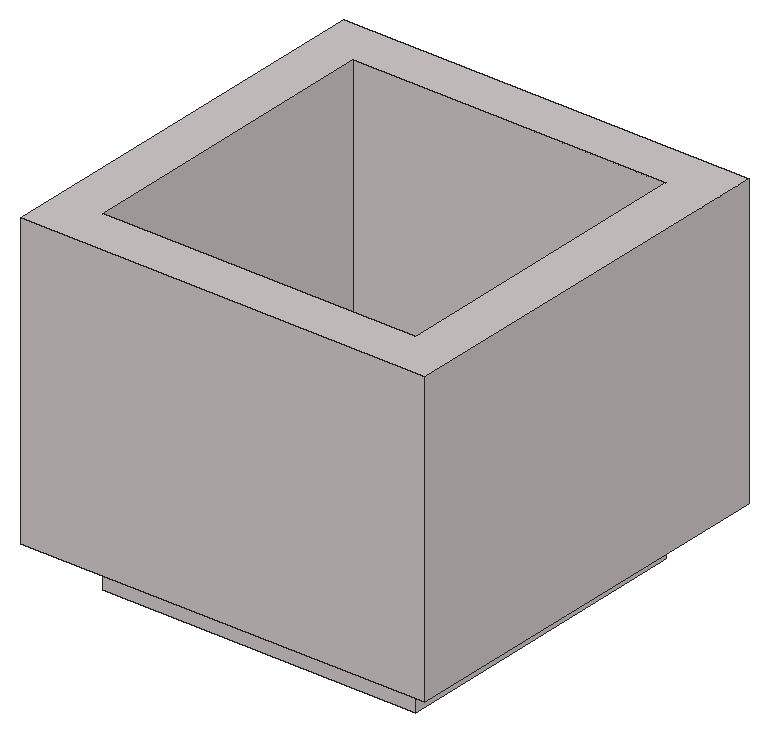
Revit family
Parameters (values of type "0900 x 0900mm")
  재료 = 콘크리트 - 프리캐스트 콘크리트
  깊이 = 900.00 mm
  높이 = 750.00 mm
  폭 = 900.00 mm
Types (3, lengths in mm): name | 깊이 | 폭
  (no name) | 900.00 | 900.00
  1200 x 1200mm | 1200.00 | 1200.00
  0900 x 0900mm | 900.00 | 900.00
Reference planes
  plane 1 "중심(앞/뒤)": y = 0
  plane 2: z = 0
  plane 3 "중심(왼쪽/오른쪽)": x = 0
  plane 4: y = 450
  plane 5: y = -450
  plane 6: x = 450
  plane 7: x = -450
  plane 8: z = 750
  plane 9: z = 101.6
  plane 10: z = 203.2
Forms (mm)
  Extrusion 1, solid, material "콘크리트 - 프리캐스트 콘크리트" <- "재료"
    sketch origin (0, 0, 0) x (1, 0, 0) y (0, 1, 0)
      loop
        line (-450, 450) -> (-450, -450) -> (450, -450) -> (450, 450) -> (-450, 450)
    from 101.6 to 750
  Extrusion 2, solid, material "콘크리트 - 프리캐스트 콘크리트" <- "재료"
    sketch origin (0, 0, 0) x (1, 0, 0) y (0, 1, 0)
      loop
        line (-348.4, 348.4) -> (-348.4, -348.4) -> (348.4, -348.4) -> (348.4, 348.4) -> (-348.4, 348.4)
    from 0 to 101.6
  Extrusion 3, void
    sketch origin (0, 0, 0) x (1, 0, 0) y (0, 1, 0)
      loop
        line (-348.4, 348.4) -> (-348.4, -348.4) -> (348.4, -348.4) -> (348.4, 348.4) -> (-348.4, 348.4)
    from 203.2 to 750
Cuts and joins
  Extrusion 3 cuts Extrusion 1
  Extrusion 3 cuts Extrusion 2
Lines and regions (mm)
  symbolic lines, style "대지 액세서리"
    curve 1: line (-450, 450, 0) -> (450, 450, 0)
    curve 2: line (-450, -450, 0) -> (-450, 450, 0)
    curve 3: line (450, -450, 0) -> (-450, -450, 0)
    curve 4: line (450, 450, 0) -> (450, -450, 0)
    curve 5: line (348.4, 348.4, 0) -> (-348.4, 348.4, 0)
    curve 6: line (348.4, -348.4, 0) -> (348.4, 348.4, 0)
    curve 7: line (-348.4, -348.4, 0) -> (348.4, -348.4, 0)
    curve 8: line (-348.4, 348.4, 0) -> (-348.4, -348.4, 0)
Dimensions and locks
  equal spacing: plane 7, plane 3 "중심(왼쪽/오른쪽)", plane 6
  "폭": plane 7 to plane 6
  equal spacing: plane 5, plane 1 "중심(앞/뒤)", plane 4
  "깊이": plane 5 to plane 4
  "높이": plane 8 to plane 2
  locked: plane 9 to plane 2 at 101.6
  locked: plane 10 to plane 9 at 101.6
  aligned and locked: plane 7 to Extrusion 1 sketch curve
  aligned and locked: plane 4 to Extrusion 1 sketch curve
  aligned and locked: plane 5 to Extrusion 1 sketch curve
  aligned and locked: plane 6 to Extrusion 1 sketch curve
  aligned and locked: plane 8 to Extrusion 1
  aligned and locked: plane 9 to Extrusion 1
  aligned and locked: Extrusion 2 to plane 9
  aligned and locked: Extrusion 3 sketch curve to cut or joined group of Extrusion 2, Extrusion 3  (x4)
  aligned and locked: plane 8 to Extrusion 3
  aligned and locked: plane 10 to Extrusion 3
  aligned and locked: curve 1 to cut or joined group of Extrusion 1, Extrusion 3  (x2)
  aligned and locked: curve 4 to cut or joined group of Extrusion 1, Extrusion 3  (x2)
  aligned and locked: curve 5 to cut or joined group of Extrusion 1, Extrusion 3  (x2)
  aligned and locked: curve 8 to cut or joined group of Extrusion 1, Extrusion 3  (x2)
Automatic sketch dimensions
  Extrusion 2 sketch curve to plane 5 = 101.60 mm
  Extrusion 2 sketch curve to plane 7 = 101.60 mm
  plane 6 to Extrusion 2 sketch curve = 101.60 mm
  plane 4 to Extrusion 2 sketch curve = 101.60 mm
